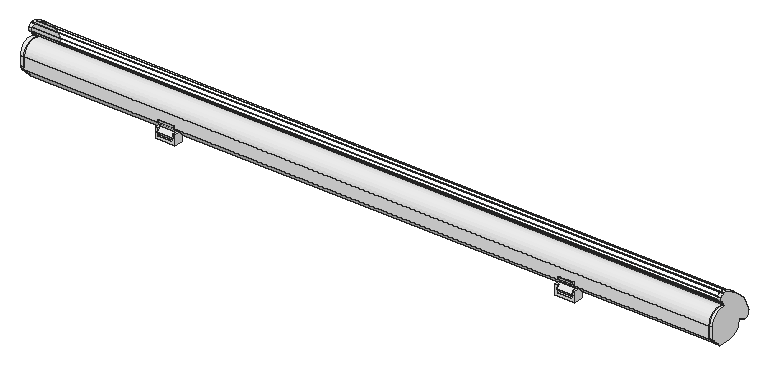
Revit family "eldinaaaaa", category Lighting Fixtures, host Face, Revit 2019
Family settings
  Host = Face
  Round Connector Dimension = Use Diameter
  Part Type = Normal
  OmniClass Number = 23.80.70.11
  OmniClass Title = Luminaries for Internal Lighting
  Cut with Voids When Loaded = No
  Light Source = No
  Shared = No
  Room Calculation Point = No
Parameters (values of type "SLW-8FT-High-SD-50K-90CRI-347V")
  z_Start = Run : Start Fixture
  z_Standalone = Run : Standalone Fixture
  z_Sleeve Cover [instance] = or(Run Option = z_Middle, Run Option = z_End)  # no
  z_Rotation Control [instance] = if(Rotation Angle < 35.00°, 35.00°, if(Rotation Angle > 145.00°, 145.00°, Rotation Angle))  # 45.00°
  z_Right Cap [instance] = 2 > 1  # yes
  z_Middle = Run : Middle Fixture
  z_Left Cap [instance] = 2 > 1  # yes
  z_End = Run : End Fixture
  z_Connector Position [instance] = if(or(Run Option = z_Standalone, Run Option = z_Start), 10.000", Length - 10.000")  # 10.000"
  z_Array No 01 [instance] = if(or(Run Option = z_Standalone, Run Option = z_Start, and([Emergency Circuit - End Fixture], Run Option = z_End)), 3, 2)  # 3
  Width = 3.000"  # constant formula
  Weight = if(Length = 96.000", 16.00 lbf, if(Length = 48.000", 8.00 lbf, 0.00 lbf))  # 8.00 lbf
  Wattage Comments = "Efficacy up to 155 lm/W"
  Voltage Range = "347V"
  Voltage = 347 V
  URL = "https://starteklightingamerica.com/starlink-wide/"
  Type Comments = "Linear Lighting Fixture"  # constant formula
  Run Option [instance] = Run : Standalone Fixture
  Rotation Angle [instance] = 45.00°
  Product data url = "https://www.bimobject.com/startek-lighting/product/starlinkwide"
  Product Material [instance] = StarTek Lighting - Aluminum - Clear Anodized
  Product Guid = "08d8bbde-968b-462b-8ece-db3c3b62b9a7"
  Power Factor = 0.93
  Photometric Webfile Note = "Please remember to reload the shared light file with the type catalog for all available light options and link the proper .ies file to the shared file."  # constant formula
  Photometric Option = Light-Source_StarTek_StarLink-Wide-Rotational-Mount : Not a Type - Load Type Catalog!
  Photometric Note = "Import IES files https://starteklightingamerica.com/"  # constant formula
  Phase = 1
  Output = "High"
  Number of Poles = 3
  Model = "SLW-8-H-SD-50K-90-__-__-C"
  Manufacturer = "StarTek Lighting"  # constant formula
  Length = 48.000"
  Lamp = "LED"  # constant formula
  Keynote = "16500"  # constant formula
  Input Wattage = 116 W
  Height = 2.900"  # constant formula
  Frequency = 60 Hz
  Emergency Circuit - End Fixture [instance] = no
  Electrical Disconnect = yes
  Edition number = 1
  Distribution = "SD-SatinIce Diffused"
  Description = "StarLink Wide"  # constant formula
  Default Elevation = 48.000"
  Color [instance] = "Available options: Clear Anodize (CA), Powder Coat Other (PO)"  # constant formula
  CRI = "90"
  Assembly Code = "D5020200"
  Apparent Load = Input Wattage / (Power Factor * Number of Poles)  # 41.5771 VA
Types (64): name | Weight | Voltage Range | Voltage | Photometric Option | Output | Model | Length | Input Wattage | CRI | Apparent Load
  SLW-8FT-High-SD-50K-90CRI-347V | 8.00 lbf | "347V" | 347 V | Light-Source_StarTek_StarLink-Wide-Rotational-Mount : Not a Type - Load Type Catalog! | "High" | "SLW-8-H-SD-50K-90-__-__-C" | 48.000" | 116 W | "90" | 41.5771 VA
  SLW-8FT-High-SD-50K-90CRI-120-277V | 16.00 lbf | "120-277V" | 120 V | Light-Source_StarTek_StarLink-Wide-Rotational-Mount : Not a Type - Load Type Catalog! | "High" | "SLW-8-H-SD-50K-90-__-__-U" | 96.000" | 116 W | "90" | 41.5771 VA
  SLW-8FT-High-SD-50K-80CRI-347V | 16.00 lbf | "347V" | 347 V | Light-Source_StarTek_StarLink-Wide-Rotational-Mount : Not a Type - Load Type Catalog! | "High" | "SLW-8-H-SD-50K-80-__-__-C" | 96.000" | 116 W | "80" | 41.5771 VA
  SLW-8FT-High-SD-50K-80CRI-120-277V | 16.00 lbf | "120-277V" | 120 V | Light-Source_StarTek_StarLink-Wide-Rotational-Mount : Not a Type - Load Type Catalog! | "High" | "SLW-8-H-SD-50K-80-__-__-U" | 96.000" | 116 W | "80" | 41.5771 VA
  SLW-8FT-High-SD-40K-90CRI-347V | 16.00 lbf | "347V" | 347 V | Light-Source_StarTek_StarLink-Wide-Rotational-Mount : Not a Type - Load Type Catalog! | "High" | "SLW-8-H-SD-40K-90-__-__-C" | 96.000" | 116 W | "90" | 41.5771 VA
  SLW-8FT-High-SD-40K-90CRI-120-277V | 16.00 lbf | "120-277V" | 120 V | Light-Source_StarTek_StarLink-Wide-Rotational-Mount : Not a Type - Load Type Catalog! | "High" | "SLW-8-H-SD-40K-90-__-__-U" | 96.000" | 116 W | "90" | 41.5771 VA
  SLW-8FT-High-SD-40K-80CRI-347V | 16.00 lbf | "347V" | 347 V | Light-Source_StarTek_StarLink-Wide-Rotational-Mount : Not a Type - Load Type Catalog! | "High" | "SLW-8-H-SD-40K-80-__-__-C" | 96.000" | 116 W | "80" | 41.5771 VA
  SLW-8FT-High-SD-40K-80CRI-120-277V | 16.00 lbf | "120-277V" | 120 V | Light-Source_StarTek_StarLink-Wide-Rotational-Mount : Not a Type - Load Type Catalog! | "High" | "SLW-8-H-SD-40K-80-__-__-U" | 96.000" | 116 W | "80" | 41.5771 VA
  SLW-8FT-High-SD-35K-90CRI-347V | 16.00 lbf | "347V" | 347 V | Light-Source_StarTek_StarLink-Wide-Rotational-Mount : Not a Type - Load Type Catalog! | "High" | "SLW-8-H-SD-35K-90-__-__-C" | 96.000" | 116 W | "90" | 41.5771 VA
  SLW-8FT-High-SD-35K-90CRI-120-277V | 16.00 lbf | "120-277V" | 120 V | Light-Source_StarTek_StarLink-Wide-Rotational-Mount : Not a Type - Load Type Catalog! | "High" | "SLW-8-H-SD-35K-90-__-__-U" | 96.000" | 116 W | "90" | 41.5771 VA
  SLW-8FT-High-SD-35K-80CRI-347V | 16.00 lbf | "347V" | 347 V | Light-Source_StarTek_StarLink-Wide-Rotational-Mount : Not a Type - Load Type Catalog! | "High" | "SLW-8-H-SD-35K-80-__-__-C" | 96.000" | 116 W | "80" | 41.5771 VA
  SLW-8FT-High-SD-35K-80CRI-120-277V | 16.00 lbf | "120-277V" | 120 V | Light-Source_StarTek_StarLink-Wide-Rotational-Mount : Not a Type - Load Type Catalog! | "High" | "SLW-8-H-SD-35K-80-__-__-U" | 96.000" | 116 W | "80" | 41.5771 VA
  SLW-8FT-High-SD-30K-90CRI-347V | 16.00 lbf | "347V" | 347 V | Light-Source_StarTek_StarLink-Wide-Rotational-Mount : Not a Type - Load Type Catalog! | "High" | "SLW-8-H-SD-30K-90-__-__-C" | 96.000" | 116 W | "90" | 41.5771 VA
  SLW-8FT-High-SD-30K-90CRI-120-277V | 16.00 lbf | "120-277V" | 120 V | Light-Source_StarTek_StarLink-Wide-Rotational-Mount : Not a Type - Load Type Catalog! | "High" | "SLW-8-H-SD-30K-90-__-__-U" | 96.000" | 116 W | "90" | 41.5771 VA
  SLW-8FT-High-SD-30K-80CRI-347V | 16.00 lbf | "347V" | 347 V | Light-Source_StarTek_StarLink-Wide-Rotational-Mount : Not a Type - Load Type Catalog! | "High" | "SLW-8-H-SD-30K-80-__-__-C" | 96.000" | 116 W | "80" | 41.5771 VA
  SLW-8FT-High-SD-30K-80CRI-120-277V | 16.00 lbf | "120-277V" | 120 V | Light-Source_StarTek_StarLink-Wide-Rotational-Mount : Not a Type - Load Type Catalog! | "High" | "SLW-8-H-SD-30K-80-__-__-U" | 96.000" | 116 W | "80" | 41.5771 VA
  SLW-8FT-Standard-SD-50K-90CRI-347V | 16.00 lbf | "347V" | 347 V | Light-Source_StarTek_StarLink-Wide-Rotational-Mount : Not a Type - Load Type Catalog! | "Standard" | "SLW-8-S-SD-50K-90-__-__-C" | 96.000" | 87 W | "90" | 31.1828 VA
  SLW-8FT-Standard-SD-50K-90CRI-120-277V | 16.00 lbf | "120-277V" | 120 V | Light-Source_StarTek_StarLink-Wide-Rotational-Mount : Not a Type - Load Type Catalog! | "Standard" | "SLW-8-S-SD-50K-90-__-__-U" | 96.000" | 87 W | "90" | 31.1828 VA
  SLW-8FT-Standard-SD-50K-80CRI-347V | 16.00 lbf | "347V" | 347 V | Light-Source_StarTek_StarLink-Wide-Rotational-Mount : Not a Type - Load Type Catalog! | "Standard" | "SLW-8-S-SD-50K-80-__-__-C" | 96.000" | 87 W | "80" | 31.1828 VA
  SLW-8FT-Standard-SD-50K-80CRI-120-277V | 16.00 lbf | "120-277V" | 120 V | Light-Source_StarTek_StarLink-Wide-Rotational-Mount : Not a Type - Load Type Catalog! | "Standard" | "SLW-8-S-SD-50K-80-__-__-U" | 96.000" | 87 W | "80" | 31.1828 VA
  SLW-8FT-Standard-SD-40K-90CRI-347V | 16.00 lbf | "347V" | 347 V | Light-Source_StarTek_StarLink-Wide-Rotational-Mount : Not a Type - Load Type Catalog! | "Standard" | "SLW-8-S-SD-40K-90-__-__-C" | 96.000" | 87 W | "90" | 31.1828 VA
  SLW-8FT-Standard-SD-40K-90CRI-120-277V | 16.00 lbf | "120-277V" | 120 V | Light-Source_StarTek_StarLink-Wide-Rotational-Mount : Not a Type - Load Type Catalog! | "Standard" | "SLW-8-S-SD-40K-90-__-__-U" | 96.000" | 87 W | "90" | 31.1828 VA
  SLW-8FT-Standard-SD-40K-80CRI-347V | 16.00 lbf | "347V" | 347 V | Light-Source_StarTek_StarLink-Wide-Rotational-Mount : Not a Type - Load Type Catalog! | "Standard" | "SLW-8-S-SD-40K-80-__-__-C" | 96.000" | 87 W | "80" | 31.1828 VA
  SLW-8FT-Standard-SD-40K-80CRI-120-277V | 16.00 lbf | "120-277V" | 120 V | Light-Source_StarTek_StarLink-Wide-Rotational-Mount : SLW-8FT-Standard-SD-40K | "Standard" | "SLW-8-S-SD-40K-80-__-__-U" | 96.000" | 87 W | "80" | 31.1828 VA
  SLW-8FT-Standard-SD-35K-90CRI-347V | 16.00 lbf | "347V" | 347 V | Light-Source_StarTek_StarLink-Wide-Rotational-Mount : Not a Type - Load Type Catalog! | "Standard" | "SLW-8-S-SD-35K-90-__-__-C" | 96.000" | 87 W | "90" | 31.1828 VA
  SLW-8FT-Standard-SD-35K-90CRI-120-277V | 16.00 lbf | "120-277V" | 120 V | Light-Source_StarTek_StarLink-Wide-Rotational-Mount : Not a Type - Load Type Catalog! | "Standard" | "SLW-8-S-SD-35K-90-__-__-U" | 96.000" | 87 W | "90" | 31.1828 VA
  SLW-8FT-Standard-SD-35K-80CRI-347V | 16.00 lbf | "347V" | 347 V | Light-Source_StarTek_StarLink-Wide-Rotational-Mount : Not a Type - Load Type Catalog! | "Standard" | "SLW-8-S-SD-35K-80-__-__-C" | 96.000" | 87 W | "80" | 31.1828 VA
  SLW-8FT-Standard-SD-35K-80CRI-120-277V | 16.00 lbf | "120-277V" | 120 V | Light-Source_StarTek_StarLink-Wide-Rotational-Mount : Not a Type - Load Type Catalog! | "Standard" | "SLW-8-S-SD-35K-80-__-__-U" | 96.000" | 87 W | "80" | 31.1828 VA
  SLW-8FT-Standard-SD-30K-90CRI-347V | 16.00 lbf | "347V" | 347 V | Light-Source_StarTek_StarLink-Wide-Rotational-Mount : Not a Type - Load Type Catalog! | "Standard" | "SLW-8-S-SD-30K-90-__-__-C" | 96.000" | 87 W | "90" | 31.1828 VA
  SLW-8FT-Standard-SD-30K-90CRI-120-277V | 16.00 lbf | "120-277V" | 120 V | Light-Source_StarTek_StarLink-Wide-Rotational-Mount : Not a Type - Load Type Catalog! | "Standard" | "SLW-8-S-SD-30K-90-__-__-U" | 96.000" | 87 W | "90" | 31.1828 VA
  SLW-8FT-Standard-SD-30K-80CRI-347V | 16.00 lbf | "347V" | 347 V | Light-Source_StarTek_StarLink-Wide-Rotational-Mount : Not a Type - Load Type Catalog! | "Standard" | "SLW-8-S-SD-30K-80-__-__-C" | 96.000" | 87 W | "80" | 31.1828 VA
  SLW-8FT-Standard-SD-30K-80CRI-120-277V | 16.00 lbf | "120-277V" | 120 V | Light-Source_StarTek_StarLink-Wide-Rotational-Mount : Not a Type - Load Type Catalog! | "Standard" | "SLW-8-S-SD-30K-80-__-__-U" | 96.000" | 87 W | "80" | 31.1828 VA
  SLW-4FT-High-SD-50K-90CRI-347V | 8.00 lbf | "347V" | 347 V | Light-Source_StarTek_StarLink-Wide-Rotational-Mount : Not a Type - Load Type Catalog! | "High" | "SLW-4-H-SD-50K-90-__-__-C" | 48.000" | 90 W | "90" | 32.2581 VA
  SLW-4FT-High-SD-50K-90CRI-120-277V | 8.00 lbf | "120-277V" | 120 V | Light-Source_StarTek_StarLink-Wide-Rotational-Mount : Not a Type - Load Type Catalog! | "High" | "SLW-4-H-SD-50K-90-__-__-U" | 48.000" | 90 W | "90" | 32.2581 VA
  SLW-4FT-High-SD-50K-80CRI-347V | 8.00 lbf | "347V" | 347 V | Light-Source_StarTek_StarLink-Wide-Rotational-Mount : Not a Type - Load Type Catalog! | "High" | "SLW-4-H-SD-50K-80-__-__-C" | 48.000" | 90 W | "80" | 32.2581 VA
  SLW-4FT-High-SD-50K-80CRI-120-277V | 8.00 lbf | "120-277V" | 120 V | Light-Source_StarTek_StarLink-Wide-Rotational-Mount : Not a Type - Load Type Catalog! | "High" | "SLW-4-H-SD-50K-80-__-__-U" | 48.000" | 90 W | "80" | 32.2581 VA
  SLW-4FT-High-SD-40K-90CRI-347V | 8.00 lbf | "347V" | 347 V | Light-Source_StarTek_StarLink-Wide-Rotational-Mount : Not a Type - Load Type Catalog! | "High" | "SLW-4-H-SD-40K-90-__-__-C" | 48.000" | 90 W | "90" | 32.2581 VA
  SLW-4FT-High-SD-40K-90CRI-120-277V | 8.00 lbf | "120-277V" | 120 V | Light-Source_StarTek_StarLink-Wide-Rotational-Mount : Not a Type - Load Type Catalog! | "High" | "SLW-4-H-SD-40K-90-__-__-U" | 48.000" | 90 W | "90" | 32.2581 VA
  SLW-4FT-High-SD-40K-80CRI-347V | 8.00 lbf | "347V" | 347 V | Light-Source_StarTek_StarLink-Wide-Rotational-Mount : Not a Type - Load Type Catalog! | "High" | "SLW-4-H-SD-40K-80-__-__-C" | 48.000" | 90 W | "80" | 32.2581 VA
  SLW-4FT-High-SD-40K-80CRI-120-277V | 8.00 lbf | "120-277V" | 120 V | Light-Source_StarTek_StarLink-Wide-Rotational-Mount : Not a Type - Load Type Catalog! | "High" | "SLW-4-H-SD-40K-80-__-__-U" | 48.000" | 90 W | "80" | 32.2581 VA
  SLW-4FT-High-SD-35K-90CRI-347V | 8.00 lbf | "347V" | 347 V | Light-Source_StarTek_StarLink-Wide-Rotational-Mount : Not a Type - Load Type Catalog! | "High" | "SLW-4-H-SD-35K-90-__-__-C" | 48.000" | 90 W | "90" | 32.2581 VA
  SLW-4FT-High-SD-35K-90CRI-120-277V | 8.00 lbf | "120-277V" | 120 V | Light-Source_StarTek_StarLink-Wide-Rotational-Mount : Not a Type - Load Type Catalog! | "High" | "SLW-4-H-SD-35K-90-__-__-U" | 48.000" | 90 W | "90" | 32.2581 VA
  SLW-4FT-High-SD-35K-80CRI-347V | 8.00 lbf | "347V" | 347 V | Light-Source_StarTek_StarLink-Wide-Rotational-Mount : Not a Type - Load Type Catalog! | "High" | "SLW-4-H-SD-35K-80-__-__-C" | 48.000" | 90 W | "80" | 32.2581 VA
  SLW-4FT-High-SD-35K-80CRI-120-277V | 8.00 lbf | "120-277V" | 120 V | Light-Source_StarTek_StarLink-Wide-Rotational-Mount : Not a Type - Load Type Catalog! | "High" | "SLW-4-H-SD-35K-80-__-__-U" | 48.000" | 90 W | "80" | 32.2581 VA
  SLW-4FT-High-SD-30K-90CRI-347V | 8.00 lbf | "347V" | 347 V | Light-Source_StarTek_StarLink-Wide-Rotational-Mount : Not a Type - Load Type Catalog! | "High" | "SLW-4-H-SD-30K-90-__-__-C" | 48.000" | 90 W | "90" | 32.2581 VA
  SLW-4FT-High-SD-30K-90CRI-120-277V | 8.00 lbf | "120-277V" | 120 V | Light-Source_StarTek_StarLink-Wide-Rotational-Mount : Not a Type - Load Type Catalog! | "High" | "SLW-4-H-SD-30K-90-__-__-U" | 48.000" | 90 W | "90" | 32.2581 VA
  SLW-4FT-High-SD-30K-80CRI-347V | 8.00 lbf | "347V" | 347 V | Light-Source_StarTek_StarLink-Wide-Rotational-Mount : Not a Type - Load Type Catalog! | "High" | "SLW-4-H-SD-30K-80-__-__-C" | 48.000" | 90 W | "80" | 32.2581 VA
  SLW-4FT-High-SD-30K-80CRI-120-277V | 8.00 lbf | "120-277V" | 120 V | Light-Source_StarTek_StarLink-Wide-Rotational-Mount : Not a Type - Load Type Catalog! | "High" | "SLW-4-H-SD-30K-80-__-__-U" | 48.000" | 90 W | "80" | 32.2581 VA
  SLW-4FT-Standard-SD-50K-90CRI-347V | 8.00 lbf | "347V" | 347 V | Light-Source_StarTek_StarLink-Wide-Rotational-Mount : Not a Type - Load Type Catalog! | "Standard" | "SLW-4-S-SD-50K-90-__-__-C" | 48.000" | 47 W | "90" | 16.8459 VA
  SLW-4FT-Standard-SD-50K-90CRI-120-277V | 8.00 lbf | "120-277V" | 120 V | Light-Source_StarTek_StarLink-Wide-Rotational-Mount : Not a Type - Load Type Catalog! | "Standard" | "SLW-4-S-SD-50K-90-__-__-U" | 48.000" | 47 W | "90" | 16.8459 VA
  SLW-4FT-Standard-SD-50K-80CRI-347V | 8.00 lbf | "347V" | 347 V | Light-Source_StarTek_StarLink-Wide-Rotational-Mount : Not a Type - Load Type Catalog! | "Standard" | "SLW-4-S-SD-50K-80-__-__-C" | 48.000" | 47 W | "80" | 16.8459 VA
  SLW-4FT-Standard-SD-50K-80CRI-120-277V | 8.00 lbf | "120-277V" | 120 V | Light-Source_StarTek_StarLink-Wide-Rotational-Mount : Not a Type - Load Type Catalog! | "Standard" | "SLW-4-S-SD-50K-80-__-__-U" | 48.000" | 47 W | "80" | 16.8459 VA
  SLW-4FT-Standard-SD-40K-90CRI-347V | 8.00 lbf | "347V" | 347 V | Light-Source_StarTek_StarLink-Wide-Rotational-Mount : Not a Type - Load Type Catalog! | "Standard" | "SLW-4-S-SD-40K-90-__-__-C" | 48.000" | 47 W | "90" | 16.8459 VA
  SLW-4FT-Standard-SD-40K-90CRI-120-277V | 8.00 lbf | "120-277V" | 120 V | Light-Source_StarTek_StarLink-Wide-Rotational-Mount : Not a Type - Load Type Catalog! | "Standard" | "SLW-4-S-SD-40K-90-__-__-U" | 48.000" | 47 W | "90" | 16.8459 VA
  SLW-4FT-Standard-SD-40K-80CRI-347V | 8.00 lbf | "347V" | 347 V | Light-Source_StarTek_StarLink-Wide-Rotational-Mount : Not a Type - Load Type Catalog! | "Standard" | "SLW-4-S-SD-40K-80-__-__-C" | 48.000" | 47 W | "80" | 16.8459 VA
  SLW-4FT-Standard-SD-40K-80CRI-120-277V | 8.00 lbf | "120-277V" | 120 V | Light-Source_StarTek_StarLink-Wide-Rotational-Mount : Not a Type - Load Type Catalog! | "Standard" | "SLW-4-S-SD-40K-80-__-__-U" | 48.000" | 47 W | "80" | 16.8459 VA
  SLW-4FT-Standard-SD-35K-90CRI-347V | 8.00 lbf | "347V" | 347 V | Light-Source_StarTek_StarLink-Wide-Rotational-Mount : Not a Type - Load Type Catalog! | "Standard" | "SLW-4-S-SD-35K-90-__-__-C" | 48.000" | 47 W | "90" | 16.8459 VA
  SLW-4FT-Standard-SD-35K-90CRI-120-277V | 8.00 lbf | "120-277V" | 120 V | Light-Source_StarTek_StarLink-Wide-Rotational-Mount : Not a Type - Load Type Catalog! | "Standard" | "SLW-4-S-SD-35K-90-__-__-U" | 48.000" | 47 W | "90" | 16.8459 VA
  SLW-4FT-Standard-SD-35K-80CRI-347V | 8.00 lbf | "347V" | 347 V | Light-Source_StarTek_StarLink-Wide-Rotational-Mount : Not a Type - Load Type Catalog! | "Standard" | "SLW-4-S-SD-35K-80-__-__-C" | 48.000" | 47 W | "80" | 16.8459 VA
  SLW-4FT-Standard-SD-35K-80CRI-120-277V | 8.00 lbf | "120-277V" | 120 V | Light-Source_StarTek_StarLink-Wide-Rotational-Mount : Not a Type - Load Type Catalog! | "Standard" | "SLW-4-S-SD-35K-80-__-__-U" | 48.000" | 47 W | "80" | 16.8459 VA
  SLW-4FT-Standard-SD-30K-90CRI-347V | 8.00 lbf | "347V" | 347 V | Light-Source_StarTek_StarLink-Wide-Rotational-Mount : Not a Type - Load Type Catalog! | "Standard" | "SLW-4-S-SD-30K-90-__-__-C" | 48.000" | 47 W | "90" | 16.8459 VA
  SLW-4FT-Standard-SD-30K-90CRI-120-277V | 8.00 lbf | "120-277V" | 120 V | Light-Source_StarTek_StarLink-Wide-Rotational-Mount : Not a Type - Load Type Catalog! | "Standard" | "SLW-4-S-SD-30K-90-__-__-U" | 48.000" | 47 W | "90" | 16.8459 VA
  SLW-4FT-Standard-SD-30K-80CRI-347V | 8.00 lbf | "347V" | 347 V | Light-Source_StarTek_StarLink-Wide-Rotational-Mount : Not a Type - Load Type Catalog! | "Standard" | "SLW-4-S-SD-30K-80-__-__-C" | 48.000" | 47 W | "80" | 16.8459 VA
  SLW-4FT-Standard-SD-30K-80CRI-120-277V | 8.00 lbf | "120-277V" | 120 V | Light-Source_StarTek_StarLink-Wide-Rotational-Mount : Not a Type - Load Type Catalog! | "Standard" | "SLW-4-S-SD-30K-80-__-__-U" | 48.000" | 47 W | "80" | 16.8459 VA
Reference planes (in)
  plane 1 "Center (Front/Back)": y = 0
  plane 2: z = 0
  plane 3 "Center (Left/Right)": x = 0
  plane 4 "None": z = 0.69141
  plane 5: x = -14
  plane 6 "Light source": z = 2.44141
  plane 7 "Light Vertical": z = 1.18208
  plane 8 "Light Horizontal": y = 5.00837
  plane 9: z = 0.5
  plane 10: x = 14
  plane 11: x = -14.53147
  plane 12: x = -13.46853
  plane 13: x = 13.46853
  plane 14: x = 14.53147
  plane 15: x = -15.06295
  plane 16: x = -12.93705
  plane 17: x = 12.93705
  plane 18: x = 15.06295
  plane 19: y = 0
  plane 20: x = -24
  plane 21: x = 24
  plane 22: x = -14
  plane 23: x = -24.25
  plane 24: x = 24.25
Forms (in)
  Extrusion 1, solid, not visible
    sketch origin (0, 1.1511, -0.03147) x (1, 0, 0) y (0, 0, 1)
      loop
        line (-14.03147, 0.03147) -> (-14.03147, -0.03147) -> (-13.96853, -0.03147) -> (-13.96853, 0.03147) -> (-14.03147, 0.03147)
    from 1.1394 to 1.16281
  Extrusion 2, solid, material "StarTek Lighting - Aluminum - Clear Anodized" <- "Product Material"
    sketch origin (0, 0, 0) x (1, 0, 0) y (0, 0, 1)
      loop
        line (-14.53147, 0.69091) -> (-14.69814, 0.69091) -> (-14.69814, 0) -> (-13.30186, 0) -> (-13.30186, 0.69091) -> (-13.46853, 0.69091) -> (-13.46853, 0.19141) -> (-14.53147, 0.19141) -> (-14.53147, 0.69091)
      loop
        line (13.46853, 0.69091) -> (13.30186, 0.69091) -> (13.30186, 0) -> (14.69814, 0) -> (14.69814, 0.69091) -> (14.53147, 0.69091) -> (14.53147, 0.19141) -> (13.46853, 0.19141) -> (13.46853, 0.69091)
    from -0.29938 to 0.29955
  Sweep 3, solid, not visible
    path origin (0, 0, 0) x (0, 1, 0) y (0, 0, 1)
      loop
        line (0, 0.5) -> (0.48337, 0.98337)
    profile origin (0, 0.24169, 0.74169) x (0, -0.707107, 0.707107) y (1, 0, 0)
      loop
        circle (0, 0) r 0.09097
Lines and regions (in)
  Masking region 1
    outline origin (-0.3935, 0, 0) x (1, 0, 0) y (0, 1, 0)
      loop
        line (-23.6065, 1.52393) -> (-23.6065, -1.52364) -> (24.3935, -1.52364) -> (24.3935, 1.52393) -> (-23.6065, 1.52393)
  Masking region 2, visible <- "z_Left Cap"
    outline origin (-0.33569, 0, 0) x (1, 0, 0) y (0, 1, 0)
      loop
        line (-23.91431, 1.53435) -> (-23.91431, -1.53456) -> (-23.66431, -1.53456) -> (-23.66431, 1.53435) -> (-23.91431, 1.53435)
  Masking region 3, detail levels medium+fine
    outline origin (-0.3935, 0, 0) x (1, 0, 0) y (0, 1, 0)
      loop
        line (-23.6065, -0.74867) -> (24.3935, -0.74867) -> (24.3935, 0.76647) -> (-23.6065, 0.76647) -> (-23.6065, -0.74867)
  Masking region 4, detail levels fine
    outline origin (-0.3935, 0, 0) x (1, 0, 0) y (0, 1, 0)
      loop
        line (-23.6065, 0.94479) -> (-23.6065, 0.76647) -> (24.3935, 0.76647) -> (24.3935, 0.94479) -> (-23.6065, 0.94479)
      loop
        line (-23.6065, -0.94482) -> (24.3935, -0.94482) -> (24.3935, -0.74867) -> (-23.6065, -0.74867) -> (-23.6065, -0.94482)
  Masking region 5, visible <- "z_Right Cap"
    outline origin (-0.3935, 0, 0) x (1, 0, 0) y (0, 1, 0)
      loop
        line (24.3935, 1.5327) -> (24.3935, -1.5343) -> (24.6435, -1.5343) -> (24.6435, 1.5327) -> (24.3935, 1.5327)
  reference lines
    curve 1: line (0, 0, 0.5) -> (0, 0.7821, 1.2821)
    curve 2: line (0, 0.48337, 0.98337) -> (0, 0.8971, 0.56964)
Dimensions and locks (in)
  Extrusion 1 sketch curve to level to Extrusion 1 sketch curve = 0.000", 0.06295"
  plane 6 "Light source" to host face = 2.44141"
  locked: plane 8 "Light Horizontal" to plane 1 "Center (Front/Back)" at 5.00837
  plane 11 to plane 5 to plane 12 = 0.53147" locked, 0.53147" locked
  plane 13 to plane 10 to plane 14 = 0.53147" locked, 0.53147" locked
  plane 15 to plane 5 to plane 16 = 1.06295" locked, 1.06295" locked
  plane 17 to plane 10 to plane 18 = 1.06295" locked, 1.06295" locked
  locked: plane 7 "Light Vertical" to plane 4 "None" at 0.49067
  plane 1 "Center (Front/Back)" to plane 19 = 0.000"
  equal spacing: Extrusion 1, plane 19, Extrusion 1
  locked: Extrusion 1 to Extrusion 1 at 0.0234
  plane 4 "None" to level = 0.69141"
  Extrusion 1 to plane 19 to Extrusion 1 = 0.0117" locked, 0.0117" locked
  locked: plane 9 to level at 0.5
  equal spacing: plane 21, plane 3 "Center (Left/Right)", plane 20
  "Length": plane 21 to plane 20
  locked: plane 5 to plane 20 at 10
  locked: plane 10 to plane 21 at 10
  Extrusion 2 sketch curve to Extrusion 2 sketch curve to plane 2 = 0.49951" locked, 0.19141" locked  (x2)
  locked: Extrusion 2 sketch curve to plane 11 at 0.16667
  locked: plane 12 to Extrusion 2 sketch curve at 0.16667
  locked: Extrusion 2 sketch curve to plane 13 at 0.16667
  locked: plane 14 to Extrusion 2 sketch curve at 0.16667
  Extrusion 2 to Extrusion 2 = 0.59894"
  locked: curve 2 to curve 1 at 0.68359
  locked: nested 4 to plane 20 at 5
  "z_Connector Position": plane 20 to plane 22
  equal spacing: group 1, group 2, group 3  (x3)
  locked: plane 21 to Masking region 5 sketch curve at 0.25
  locked: plane 21 to plane 24 at 0.25
  locked: plane 23 to plane 20 at 0.25
  "z_Rotation Control": angle curve 1 to plane 9
  locked: curve 1 to curve 2 (angle 90.00°)
  aligned and locked: plane 2 to host face
  aligned and locked: level to host face
  aligned and locked: plane 2 to Extrusion 2 sketch curve  (x2)
  aligned and locked: Extrusion 2 sketch curve to plane 12
  aligned and locked: Extrusion 2 sketch curve to plane 11
  aligned and locked: Extrusion 2 sketch curve to Extrusion 2 sketch curve  (x2)
  aligned and locked: Extrusion 2 sketch curve to plane 13
  aligned and locked: Extrusion 2 sketch curve to plane 14
  aligned and locked: plane 19 to curve 1
  aligned and locked: plane 9 to curve 1
  aligned and locked: Sweep 3 sketch curve to curve 1
  aligned and locked: Sweep 3 sketch curve to curve 2
  aligned and locked: plane 5 to nested 2
  aligned and locked: nested 3 to plane 10
  aligned and locked: plane 1 "Center (Front/Back)" to nested 4
  aligned and locked: plane 22 to nested 6
  aligned and locked: plane 1 "Center (Front/Back)" to nested 6
  aligned and locked: Masking region 2 sketch curve to plane 20
  aligned and locked: plane 3 "Center (Left/Right)" to nested 1
  aligned and locked: Masking region 2 sketch curve to nested 1
  aligned and locked: plane 21 to Masking region 5 sketch curve
  aligned and locked: Masking region 4 sketch curve to plane 20  (x2)
  aligned and locked: plane 21 to Masking region 4 sketch curve  (x2)
  aligned and locked: plane 20 to Masking region 1 sketch curve
  aligned and locked: Masking region 1 sketch curve to plane 21
  aligned and locked: plane 21 to Masking region 3 sketch curve
  aligned and locked: plane 20 to Masking region 3 sketch curve
Automatic sketch dimensions
  host sketch curve to host sketch curve = 96.000"  (x2)
  Extrusion 1 sketch curve to plane 5 = 0.03147"
  plane 5 to Extrusion 1 sketch curve = 0.03147"
  Sweep 3 sketch curve to plane 3 "Center (Left/Right)" = 0.000"
  Sweep 3 sketch curve to profile plane = 0.000"
  Sweep 3 sketch curve to plane 9 = 0.000"
  plane 1 "Center (Front/Back)" to Masking region 2 sketch curve = 1.53456"
  Masking region 2 sketch curve to Masking region 2 sketch curve = 3.06891"
  plane 1 "Center (Front/Back)" to Masking region 3 sketch curve = 0.74867"
  Masking region 3 sketch curve to Masking region 3 sketch curve = 1.51514"
  plane 1 "Center (Front/Back)" to Masking region 4 sketch curve = 0.94482"
  Masking region 4 sketch curve to Masking region 4 sketch curve = 0.19615"
  Masking region 4 sketch curve to Masking region 4 sketch curve = 1.51514"
  Masking region 4 sketch curve to Masking region 4 sketch curve = 0.17832"
  plane 1 "Center (Front/Back)" to Masking region 5 sketch curve = 1.5343"
  Masking region 5 sketch curve to Masking region 5 sketch curve = 3.067"
  plane 1 "Center (Front/Back)" to Masking region 1 sketch curve = 1.52364"
  Masking region 1 sketch curve to plane 1 "Center (Front/Back)" = 1.52393"
  radius of Sweep 3 sketch curve = 0.09097"
Nested families (in)
  nested 1: "Light-Source_StarTek_StarLink-Wide-Rotational-Mount" at (-0.3935, 0.48337, 0.98337) x (1, 0, 0) z (0, 0.7071, 0.7071), type <- "Photometric Option", Lamp Finish <- "Product Material", F Length <- "Length", Sleeve Cover <- "z_Sleeve Cover", type "Not a Type - Load Type Catalog!"
    with Lamp Finish StarTek Lighting - Aluminum - Clear Anodized, F Length 48.000"
  nested 2: "Holder" at (-14, 0.48337, 0.98337) x (1, 0, 0) z (0, 0.7071, 0.7071), type "1"
    with Cord length control 36.000", Cord length 36.000"
  nested 3: "Holder" at (14, 0.48337, 0.98337) x (1, 0, 0) z (0, 0.7071, 0.7071), type "1"
    with Cord length control 36.000", Cord length 36.000"
  nested 4: "Connection" at (-29, 0, 0), type "Connection"
  nested 5: "Connection" at (-21.5, 0, 0), type "Connection"
  nested 6: "Connection" at (-14, 0, 0), type "Connection"
Connectors (in)
  electrical at (-14, 0, 0), driven by "Number of Poles", driven by "Voltage", driven by "Apparent Load", driven by "Apparent Load", driven by "Apparent Load", driven by "Power Factor"
    settings: on nested 6, index 1, voltage 347 V, apparent load 0 VA, apparent load phase1 41.5771 VA, apparent load phase2 41.5771 VA, apparent load phase3 41.5771 VA, power factor 0.93, load classification "Other", number of poles 3, system type 31, power factor state 1, is connector primary yes, connector utility no, sub classification motor no, connector description "Connector for Electrical Power"
Definition of nested family "Light-Source_StarTek_StarLink-Wide-Rotational-Mount"
  Parameters (values of type "Not a Type - Load Type Catalog!")
    Width = 2.500"  # constant formula
    Wattage = 9.2903 W
    built-in parameter 1150110 = 1 (stored number, unit not read)
    built-in parameter 1114217 = 1 (stored number, unit not read)
    Tilt Angle = 90.00°  # constant formula
    built-in parameter 1150109 = 1 (stored number, unit not read)
    built-in parameter 1150134 = 3
    built-in parameter 1150113 = 1 (stored number, unit not read)
    Sleeve Cover [instance] = no
    Right Cap = yes
    Photometric Web File = "Generic Light Source Shown : Please download and link the IES file that best matches your fixture specification"
    built-in parameter 1150142 = (empty or 0)
    built-in parameter 1150105 = 109.82 (stored number, unit not read)
    Lumens = 1380 lm
    built-in parameter 1150115 = 1 (stored number, unit not read)
    built-in parameter 1150137 = (empty or 0)
    built-in parameter 1150139 = (empty or 0)
    Length = 48.000"
    Left Cap = yes
    built-in parameter 1150112 = 1 (stored number, unit not read)
    built-in parameter 1150114 = 1 (stored number, unit not read)
    Lamp Finish [instance] = none
    built-in parameter 1150132 = 2
    built-in parameter 1150102 = (empty or 0)
    built-in parameter 1150107 = 3200 (stored number, unit not read)
    built-in parameter 1150138 = (empty or 0)
    built-in parameter 1150106 = 1.0982 (stored number, unit not read)
    Height = 2.900"  # constant formula
    F Length [instance] = 48.000"
    Emit from Rectangle Width = 2.500"  # constant formula
    Emit from Rectangle Length = Length - 0.500"  # 47.500"
    Emit Shape Visible in Rendering = no
    built-in parameter 1150104 = 13.8 (stored number, unit not read)
    Dimming Lamp Color Temperature Shift = (empty or 0)
    Default Elevation = 48.000"
    Color Filter = 16777215
    built-in parameter 1114218 = 1 (stored number, unit not read)
    built-in parameter 1150133 = 10 (stored number, unit not read)
  Reference planes (in)
    plane 1 "Center (Front/Back)": y = 0
    plane 2: z = 0
    plane 3 "Center (Left/Right)": x = 0.3935
    plane 4: z = -0.49163
    plane 5: x = -23.8565
    plane 6: x = 24.6435
    plane 7: y = 1.25
    plane 8: y = -1.25
    plane 9: y = 0.765
    plane 10: y = -0.765
    plane 11: z = -0.41967
    plane 12: z = -0.31671
    plane 13: z = -0.25371
    plane 14: z = 0.09039
    plane 15: z = 0.18379
    plane 16: x = -21.488
    plane 17: x = -20.4373
    plane 18: x = 22.275
    plane 19: x = 21.2243
    plane 20: x = 21.3177
    plane 21: x = -20.5307
    plane 22: x = -23.6065
    plane 23: x = 24.3935
    plane 24: z = 2.40837
    plane 25: x = -14.1955
    plane 26: x = -33.5175
    plane 27: x = 14.6435
    plane 28: x = 34.6435
  Forms (in)
    Extrusion 1, solid
      sketch origin (0, 0, 0) x (1, 0, 0) y (0, 1, 0)
        loop
          line (-48, 48) -> (-48, -48) -> (48, -48) -> (48, 48) -> (-48, 48)
      from 0 to -12
    Extrusion 2, solid, material <- "Lamp Finish", detail levels coarse
      sketch origin (0, 0, 0) x (1, 0, 0) y (0, 1, 0)
        loop
          line (24.6435, -1.50855) -> (24.6435, 1.50855) -> (-23.8565, 1.50855) -> (-23.8565, -1.50855) -> (24.6435, -1.50855)
      from -0.49067 to 2.40837
    Extrusion 3, solid, material <- "Lamp Finish", visible <- "Right Cap", detail levels medium+fine
      sketch origin (0.3935, 0, 0) x (0, 1, 0) y (0, 0, 1)
        loop
          line (0.72864, 1.46801) -> (1.01642, 1.46801) -> (1.1686, 1.52801) -> (1.32194, 1.52801)
          arc (1.32194, 1.52801) -> (1.45837, 1.53528) -> (1.51867, 1.65788) r 0.13508
          arc (1.51867, 1.65788) -> (1.53071, 1.80256) -> (1.48056, 1.93875) r 0.335
          line (1.48056, 1.93875) -> (1.46083, 1.96913)
          arc (1.46083, 1.96913) -> (1.44934, 1.98467) -> (1.43594, 1.9986) r 0.15
          arc (1.43594, 1.9986) -> (1.38086, 2.09443) -> (1.29285, 2.1613) r 0.27866
          arc (1.29285, 2.1613) -> (0.66315, 2.38491) -> (0, 2.46711) r 3.07318
          arc (0, 2.46711) -> (-0.66315, 2.38491) -> (-1.29285, 2.1613) r 3.07318
          arc (-1.29285, 2.1613) -> (-1.38086, 2.09443) -> (-1.43594, 1.9986) r 0.27866
          arc (-1.43594, 1.9986) -> (-1.44934, 1.98467) -> (-1.46083, 1.96913) r 0.15
          line (-1.46083, 1.96913) -> (-1.4804, 1.93875)
          arc (-1.4804, 1.93875) -> (-1.53071, 1.80256) -> (-1.51867, 1.65788) r 0.335
          arc (-1.51867, 1.65788) -> (-1.45837, 1.53528) -> (-1.32194, 1.52801) r 0.13508
          line (-1.32194, 1.52801) -> (-1.1686, 1.52801) -> (-1.01642, 1.46801) -> (-0.72864, 1.46801)
          arc (-0.72864, 1.46801) -> (-1.22349, 0.85243) -> (-1.02717, 0.0874) r 0.88216
          line (-1.02717, 0.0874) -> (-0.4554, -0.49067) -> (0.4554, -0.49067) -> (1.02717, 0.0874)
          arc (1.02717, 0.0874) -> (1.22349, 0.85243) -> (0.72864, 1.46801) r 0.88216
      from 24 to 24.25
    Extrusion 4, solid, material <- "Lamp Finish", visible <- "Left Cap", detail levels medium+fine
      sketch origin (0.3935, 0, 0) x (0, 1, 0) y (0, 0, -1)
        loop
          arc (0.72864, -1.46801) -> (1.22349, -0.85243) -> (1.02717, -0.0874) r 0.88216
          line (1.02717, -0.0874) -> (0.58082, 0.36387) -> (0.31806, 0.49067) -> (-0.31806, 0.49067) -> (-0.58082, 0.36387) -> (-1.02717, -0.0874)
          arc (-1.02717, -0.0874) -> (-1.22349, -0.85243) -> (-0.72864, -1.46801) r 0.88216
          line (-0.72864, -1.46801) -> (-1.01642, -1.46801) -> (-1.1686, -1.52801) -> (-1.32194, -1.52801)
          arc (-1.32194, -1.52801) -> (-1.45837, -1.53528) -> (-1.51867, -1.65788) r 0.13508
          arc (-1.51867, -1.65788) -> (-1.53071, -1.80256) -> (-1.4804, -1.93875) r 0.335
          line (-1.4804, -1.93875) -> (-1.46083, -1.96913)
          arc (-1.46083, -1.96913) -> (-1.44934, -1.98467) -> (-1.43594, -1.9986) r 0.15
          arc (-1.43594, -1.9986) -> (-1.38086, -2.09443) -> (-1.29285, -2.1613) r 0.27866
          arc (-1.29285, -2.1613) -> (-0.66315, -2.38491) -> (0, -2.46711) r 3.07318
          arc (0, -2.46711) -> (0.66315, -2.38491) -> (1.29285, -2.1613) r 3.07318
          arc (1.29285, -2.1613) -> (1.38086, -2.09443) -> (1.43594, -1.9986) r 0.27866
          arc (1.43594, -1.9986) -> (1.44934, -1.98467) -> (1.46083, -1.96913) r 0.15
          line (1.46083, -1.96913) -> (1.48056, -1.93875)
          arc (1.48056, -1.93875) -> (1.53071, -1.80256) -> (1.51867, -1.65788) r 0.335
          arc (1.51867, -1.65788) -> (1.45837, -1.53528) -> (1.32194, -1.52801) r 0.13508
          line (1.32194, -1.52801) -> (1.1686, -1.52801) -> (1.01642, -1.46801) -> (0.72864, -1.46801)
      from 24 to 24.25
    Sweep 5, solid, material <- "Lamp Finish", detail levels medium+fine
      path origin (0, 0, 0) x (1, 0, 0) y (0, 1, 0)
        loop
          line (24.3935, 0) -> (-23.6065, 0)
      profile origin (0.3935, 0, 0) x (0, -1, 0) y (0, 0, 1)
        loop
          line (0.72864, 1.46801) -> (-0.72864, 1.46801)
          arc (-0.72864, 1.46801) -> (-1.22349, 0.85243) -> (-1.02717, 0.0874) r 0.88216
          line (-1.02717, 0.0874) -> (-0.4554, -0.49067) -> (0.4554, -0.49067) -> (1.02717, 0.0874)
          arc (1.02717, 0.0874) -> (1.22349, 0.85243) -> (0.72864, 1.46801) r 0.88216
    Sweep 6, solid, detail levels medium+fine
      path origin (0, 0, 0) x (1, 0, 0) y (0, 1, 0)
        loop
          line (24.3935, 0) -> (-23.6065, 0)
      profile origin (0.3935, 0, 0) x (0, -1, 0) y (0, 0, 1)
        loop
          line (1.1667, 1.53795) -> (1.32442, 1.53795)
          arc (1.32442, 1.53795) -> (1.45265, 1.54342) -> (1.50855, 1.65895) r 0.12508
          arc (1.50855, 1.65895) -> (1.52093, 1.8002) -> (1.47217, 1.93324) r 0.325
          line (1.47217, 1.93324) -> (1.45243, 1.96363)
          arc (1.45243, 1.96363) -> (1.44086, 1.97913) -> (1.42727, 1.99288) r 0.14
          arc (1.42727, 1.99288) -> (1.37421, 2.08677) -> (1.2885, 2.15223) r 0.26866
          arc (1.2885, 2.15223) -> (0.66092, 2.37509) -> (0, 2.45705) r 3.06318
          arc (0, 2.45705) -> (-0.66092, 2.37509) -> (-1.2885, 2.15223) r 3.06318
          arc (-1.2885, 2.15223) -> (-1.37421, 2.08677) -> (-1.42727, 1.99288) r 0.26866
          arc (-1.42727, 1.99288) -> (-1.44086, 1.97913) -> (-1.45243, 1.96363) r 0.14
          line (-1.45243, 1.96363) -> (-1.47199, 1.93327)
          arc (-1.47199, 1.93327) -> (-1.52093, 1.8002) -> (-1.50855, 1.65895) r 0.325
          arc (-1.50855, 1.65895) -> (-1.45265, 1.54342) -> (-1.32442, 1.53795) r 0.12508
          line (-1.32442, 1.53795) -> (-1.1667, 1.53795) -> (-1.01452, 1.47795) -> (1.01452, 1.47795) -> (1.1667, 1.53795)
    Extrusion 7, solid, material <- "Lamp Finish", visible <- "Sleeve Cover", detail levels medium+fine
      sketch origin (0.3935, 0, 0) x (0, 1, 0) y (0, 0, 1)
        loop
          arc (1.24342, 0.66599) -> (1.18759, 0.35715) -> (1.02717, 0.0874) r 0.88216
          line (1.02717, 0.0874) -> (0.56339, -0.37638) -> (0.32656, -0.49067) -> (-0.31806, -0.49067) -> (-0.56844, -0.37638) -> (-1.02717, 0.0874)
          arc (-1.02717, 0.0874) -> (-1.18759, 0.35715) -> (-1.24342, 0.66599) r 0.88216
          line (-1.24342, 0.66599) -> (-1.27842, 0.66599)
          arc (-1.27842, 0.66599) -> (-1.22017, 0.34436) -> (-1.05284, 0.06358) r 0.91716
          line (-1.05284, 0.06358) -> (-0.58305, -0.41138) -> (-0.35306, -0.52567) -> (0.35306, -0.52567) -> (0.57789, -0.41138) -> (1.05277, 0.06351)
          arc (1.05277, 0.06351) -> (1.22015, 0.34431) -> (1.27842, 0.66599) r 0.91716
          line (1.27842, 0.66599) -> (1.24342, 0.66599)
      from -33.911 to -14.589
  Dimensions and locks (in)
    equal spacing: plane 5, plane 3 "Center (Left/Right)", plane 6
    plane 17 to plane 21 to plane 16 to plane 5 = 0.0934" locked, 0.9573" locked, 2.3685" locked
    plane 19 to plane 20 to plane 18 to plane 6 = 0.0934" locked, 0.9573" locked, 2.3685" locked
    locked: plane 5 to plane 22 at 0.25
    locked: plane 23 to plane 6 at 0.25
    "F Length": plane 22 to plane 23
    equal spacing: plane 7, plane 1 "Center (Front/Back)", plane 8
    "Width": plane 7 to plane 8
    plane 11 to plane 12 to plane 13 to plane 2 to plane 14 to plane 15 = 0.10296" locked, 0.063" locked, 0.25371" locked, 0.09039" locked, 0.0934" locked
    "Height": plane 4 to plane 24
    locked: plane 4 to plane 11 at 0.07196
    plane 7 to plane 8 = 2.500"
    locked: plane 25 to plane 5 at 9.661
    locked: plane 5 to plane 26 at 9.661
    locked: plane 27 to plane 6 at 10
    locked: plane 6 to plane 28 at 10
    aligned and locked: plane 2 to Extrusion 1
    aligned and locked: level to Extrusion 1
    aligned and locked: Extrusion 2 to plane 5
    aligned and locked: Extrusion 2 to plane 24
    aligned and locked: Sweep 5 sketch curve to plane 1 "Center (Front/Back)"
    aligned and locked: plane 23 to Sweep 5 sketch curve
    aligned and locked: plane 22 to Sweep 5 sketch curve
    aligned and locked: Sweep 6 sketch curve to plane 1 "Center (Front/Back)"
    aligned and locked: plane 23 to Sweep 6 sketch curve
    aligned and locked: plane 22 to Sweep 6 sketch curve
    aligned and locked: plane 23 to Extrusion 3
    aligned and locked: plane 6 to Extrusion 3
    aligned and locked: Extrusion 4 to plane 22
    aligned and locked: Extrusion 4 to plane 5
    aligned and locked: plane 25 to Extrusion 7
    aligned and locked: Extrusion 7 to plane 26
  Automatic sketch dimensions
    Extrusion 1 sketch curve to Extrusion 1 sketch curve = 96.000"  (x2)
    Extrusion 3 sketch curve to plane 1 "Center (Front/Back)" = 0.000"
    plane 1 "Center (Front/Back)" to Extrusion 3 sketch curve = 0.04426"
    plane 1 "Center (Front/Back)" to Extrusion 3 sketch curve = 0.36125"
    Extrusion 3 sketch curve to plane 4 = 0.00096"
    plane 10 to Extrusion 3 sketch curve = 0.3096"
    plane 10 to Extrusion 3 sketch curve = 0.03636"
    plane 8 to Extrusion 3 sketch curve = 0.23358"
    plane 14 to Extrusion 3 sketch curve = 0.003"  (x2)
    plane 8 to Extrusion 3 sketch curve = 0.22283"
    plane 8 to Extrusion 3 sketch curve = 0.0814"
    plane 8 to Extrusion 3 sketch curve = 0.07839"
    plane 8 to Extrusion 3 sketch curve = 0.05123"
    Extrusion 3 sketch curve to plane 8 = 0.07194"
    Extrusion 3 sketch curve to plane 8 = 0.08473"
    Extrusion 3 sketch curve to plane 8 = 0.13396"
    Extrusion 3 sketch curve to Extrusion 3 sketch curve = 0.1261"  (x2)
    Extrusion 3 sketch curve to plane 1 "Center (Front/Back)" = 0.04426"
    Extrusion 3 sketch curve to plane 1 "Center (Front/Back)" = 0.36125"
    Extrusion 3 sketch curve to plane 9 = 0.3096"
    Extrusion 3 sketch curve to plane 9 = 0.03636"
    Extrusion 3 sketch curve to plane 7 = 0.23358"
    Extrusion 3 sketch curve to plane 7 = 0.22283"
    Extrusion 3 sketch curve to plane 7 = 0.0814"
    Extrusion 3 sketch curve to plane 7 = 0.07839"
    Extrusion 3 sketch curve to plane 7 = 0.05123"
    plane 7 to Extrusion 3 sketch curve = 0.07194"
    plane 7 to Extrusion 3 sketch curve = 0.08473"
    plane 7 to Extrusion 3 sketch curve = 0.13396"
    plane 4 to Extrusion 3 sketch curve = 0.11412"
    Extrusion 3 sketch curve to Extrusion 3 sketch curve = 0.000"  (x5)
    level to Extrusion 3 sketch curve = 0.66599"  (x2)
    Extrusion 3 sketch curve to Extrusion 3 sketch curve = 0.060"  (x2)
    Extrusion 3 sketch curve to Extrusion 3 sketch curve = 0.120"  (x2)
    Extrusion 3 sketch curve to Extrusion 3 sketch curve = 0.10932"  (x2)
    Extrusion 3 sketch curve to Extrusion 3 sketch curve = 0.13057"  (x2)
    Extrusion 3 sketch curve to Extrusion 3 sketch curve = 0.15307"  (x2)
    Extrusion 3 sketch curve to Extrusion 3 sketch curve = 0.08123"  (x2)
    Extrusion 3 sketch curve to plane 8 = 0.04285"
    Extrusion 3 sketch curve to Extrusion 3 sketch curve = 0.01957"  (x2)
    Extrusion 3 sketch curve to Extrusion 3 sketch curve = 0.00016"  (x2)
    Extrusion 3 sketch curve to Extrusion 3 sketch curve = 0.13472"  (x2)
    Extrusion 4 sketch curve to plane 1 "Center (Front/Back)" = 0.000"
    plane 1 "Center (Front/Back)" to Extrusion 4 sketch curve = 0.04426"
    Extrusion 4 sketch curve to plane 4 = 0.00096"
    Extrusion 4 sketch curve to Extrusion 4 sketch curve = 0.27379"  (x2)
    plane 1 "Center (Front/Back)" to Extrusion 4 sketch curve = 0.36125"
    plane 12 to Extrusion 4 sketch curve = 0.04716"  (x2)
    plane 10 to Extrusion 4 sketch curve = 0.18418"
    plane 10 to Extrusion 4 sketch curve = 0.03636"
    plane 8 to Extrusion 4 sketch curve = 0.23358"
    plane 14 to Extrusion 4 sketch curve = 0.003"  (x2)
    plane 8 to Extrusion 4 sketch curve = 0.22283"
    plane 8 to Extrusion 4 sketch curve = 0.0814"
    plane 8 to Extrusion 4 sketch curve = 0.07839"
    plane 8 to Extrusion 4 sketch curve = 0.05123"
    Extrusion 4 sketch curve to plane 8 = 0.07194"
    Extrusion 4 sketch curve to plane 8 = 0.08473"
    Extrusion 4 sketch curve to plane 8 = 0.13396"
    Extrusion 4 sketch curve to Extrusion 4 sketch curve = 0.1261"  (x2)
    Extrusion 4 sketch curve to plane 1 "Center (Front/Back)" = 0.04426"
    Extrusion 4 sketch curve to plane 1 "Center (Front/Back)" = 0.36125"
    Extrusion 4 sketch curve to plane 9 = 0.18418"
    Extrusion 4 sketch curve to plane 9 = 0.03636"
    Extrusion 4 sketch curve to plane 7 = 0.23358"
    Extrusion 4 sketch curve to plane 7 = 0.22283"
    Extrusion 4 sketch curve to plane 7 = 0.0814"
    Extrusion 4 sketch curve to plane 7 = 0.07839"
    Extrusion 4 sketch curve to plane 7 = 0.05123"
    plane 7 to Extrusion 4 sketch curve = 0.07194"
    plane 7 to Extrusion 4 sketch curve = 0.08473"
    plane 7 to Extrusion 4 sketch curve = 0.13396"
    level to Extrusion 4 sketch curve = 0.66599"  (x2)
    Extrusion 4 sketch curve to Extrusion 4 sketch curve = 0.060"  (x2)
    Extrusion 4 sketch curve to Extrusion 4 sketch curve = 0.120"  (x2)
    Extrusion 4 sketch curve to Extrusion 4 sketch curve = 0.10932"  (x2)
    Extrusion 4 sketch curve to Extrusion 4 sketch curve = 0.13057"  (x2)
    Extrusion 4 sketch curve to Extrusion 4 sketch curve = 0.15307"  (x2)
    Extrusion 4 sketch curve to Extrusion 4 sketch curve = 0.08123"  (x2)
    plane 4 to Extrusion 4 sketch curve = 0.11412"
    Extrusion 4 sketch curve to Extrusion 4 sketch curve = 0.000"  (x5)
    Extrusion 4 sketch curve to plane 8 = 0.04285"
    Extrusion 4 sketch curve to Extrusion 4 sketch curve = 0.01957"  (x2)
    Extrusion 4 sketch curve to Extrusion 4 sketch curve = 0.00016"  (x2)
    Extrusion 4 sketch curve to Extrusion 4 sketch curve = 0.13472"  (x2)
    level to Sweep 5 sketch curve = 0.0874"  (x2)
    profile plane to Sweep 5 sketch curve = 1.02717"
    profile plane to Sweep 5 sketch curve = 0.72864"
    profile plane to Sweep 5 sketch curve = 0.4554"
    profile plane to Sweep 5 sketch curve = 0.36125"
    Sweep 5 sketch curve to profile plane = 0.36125"
    Sweep 5 sketch curve to profile plane = 0.4554"
    Sweep 5 sketch curve to profile plane = 0.72864"
    Sweep 5 sketch curve to Sweep 5 sketch curve = 0.57177"
    Sweep 5 sketch curve to level = 0.49067"
    level to Sweep 5 sketch curve = 0.66599"
    Sweep 6 sketch curve to profile plane = 0.000"
    profile plane to Sweep 6 sketch curve = 0.04426"
    profile plane to Sweep 6 sketch curve = 1.01452"
    Sweep 6 sketch curve to Sweep 6 sketch curve = 0.15218"  (x2)
    Sweep 6 sketch curve to Sweep 6 sketch curve = 0.00491"  (x2)
    Sweep 6 sketch curve to Sweep 6 sketch curve = 0.02716"  (x2)
    Sweep 6 sketch curve to Sweep 6 sketch curve = 0.15772"  (x2)
    Sweep 6 sketch curve to Sweep 6 sketch curve = 0.16311"  (x2)
    Sweep 6 sketch curve to Sweep 6 sketch curve = 0.05953"  (x2)
    Sweep 6 sketch curve to Sweep 6 sketch curve = 0.1177"  (x2)
    Sweep 6 sketch curve to profile plane = 0.04426"
    Sweep 6 sketch curve to profile plane = 1.01452"
    Sweep 6 sketch curve to level = 0.60581"
    Sweep 6 sketch curve to Sweep 6 sketch curve = 0.000"  (x3)
    level to Sweep 6 sketch curve = 1.47795"
    Sweep 6 sketch curve to Sweep 6 sketch curve = 0.060"  (x2)
    Sweep 6 sketch curve to Sweep 6 sketch curve = 0.110"  (x2)
    Sweep 6 sketch curve to Sweep 6 sketch curve = 0.10932"  (x2)
    Sweep 6 sketch curve to Sweep 6 sketch curve = 0.13057"  (x2)
    Sweep 6 sketch curve to Sweep 6 sketch curve = 0.15307"  (x2)
    Sweep 6 sketch curve to Sweep 6 sketch curve = 0.0758"  (x2)
    Sweep 6 sketch curve to Sweep 6 sketch curve = 0.16393"
    Sweep 6 sketch curve to Sweep 6 sketch curve = 0.01956"  (x2)
    Sweep 6 sketch curve to Sweep 6 sketch curve = 0.00018"  (x2)
    Sweep 6 sketch curve to Sweep 6 sketch curve = 0.12459"  (x2)
    Sweep 6 sketch curve to Sweep 6 sketch curve = 0.00003"  (x2)
    Extrusion 7 sketch curve to Extrusion 7 sketch curve = 0.000"  (x4)
    Extrusion 7 sketch curve to plane 8 = 0.02842"
    plane 8 to Extrusion 7 sketch curve = 0.00658"
    plane 14 to Extrusion 7 sketch curve = 0.02681"
    plane 8 to Extrusion 7 sketch curve = 0.19716"
    plane 14 to Extrusion 7 sketch curve = 0.003"  (x2)
    Extrusion 7 sketch curve to Extrusion 7 sketch curve = 0.02567"
    Extrusion 7 sketch curve to plane 11 = 0.00829"  (x2)
    plane 10 to Extrusion 7 sketch curve = 0.18195"
    Extrusion 7 sketch curve to plane 11 = 0.04329"  (x2)
    Extrusion 7 sketch curve to Extrusion 7 sketch curve = 0.01461"
    plane 4 to Extrusion 7 sketch curve = 0.03404"
    Extrusion 7 sketch curve to Extrusion 7 sketch curve = 0.230"
    Extrusion 7 sketch curve to plane 4 = 0.00096"
    Extrusion 7 sketch curve to Extrusion 7 sketch curve = 0.035"
    Extrusion 7 sketch curve to plane 1 "Center (Front/Back)" = 0.32656"
    Extrusion 7 sketch curve to Extrusion 7 sketch curve = 0.0265"
    Extrusion 7 sketch curve to plane 1 "Center (Front/Back)" = 0.36125"
    Extrusion 7 sketch curve to plane 9 = 0.20161"
    Extrusion 7 sketch curve to Extrusion 7 sketch curve = 0.0145"
    Extrusion 7 sketch curve to plane 7 = 0.22283"
    plane 14 to Extrusion 7 sketch curve = 0.02689"
    Extrusion 7 sketch curve to Extrusion 7 sketch curve = 0.02561"
    Extrusion 7 sketch curve to plane 7 = 0.00658"
    Extrusion 2 sketch curve to plane 5 = 0.000"
    Extrusion 2 sketch curve to plane 6 = 0.000"
    Extrusion 2 sketch curve to plane 8 = 0.25855"
    plane 7 to Extrusion 2 sketch curve = 0.25855"
Definition of nested family "Holder"
  Parameters (values of type "1")
    Default Elevation = 48.000"
    Cord material = none
    MAX cord length = 120.000"
    Cord length control [instance] = if(Cord length < 0.500", 0.500", Cord length)  # 36.000"
    Cord length [instance] = 36.000"
    Canopy = no
  Reference planes (in)
    plane 1 "Center (Front/Back)": y = 0
    plane 2: z = 0
    plane 3 "Center (Left/Right)": x = 0
  Forms (in)
    Extrusion 1, solid, material <- "Cord material", visible <- "Canopy", not visible
      sketch origin (0, 0, 36) x (-1, 0, 0) y (0, -1, 0)
        loop
          circle (0, 0) r 2.5
      from 0 to -0.19141
    Extrusion 2, solid, material <- "Cord material", detail levels medium+fine
      sketch origin (-0.26595, 0, -60.49282) x (0, 1, 0) y (0, 0, 1)
        loop
          line (0.63439, 60.1251) -> (0.21668, 59.93913) -> (0.21668, 59.53202) -> (-0.21668, 59.53202) -> (-0.21668, 59.93913) -> (-0.63439, 60.1251) -> (-0.6471, 60.09656) -> (-0.24793, 59.91883) -> (-0.24793, 59.50077) -> (0.24793, 59.50077) -> (0.24793, 59.91883) -> (0.6471, 60.09656) -> (0.63439, 60.1251)
      from -0.2653 to 0.7972
  Dimensions and locks (in)
    aligned and locked: plane 2 to level
Definition of nested family "Connection"
  Parameters (values of type "Connection")
    Default Elevation = 48.000"
  Reference planes (in)
    plane 1 "Center (Front/Back)": y = 0
    plane 2: z = 0
    plane 3 "Center (Left/Right)": x = 0
  Forms (in)
    Extrusion 1, solid
      sketch origin (0, 0, 0) x (1, 0, 0) y (0, 1, 0)
        loop
          line (-48, 48) -> (-48, -48) -> (48, -48) -> (48, 48) -> (-48, 48)
      from 0 to -12
    Extrusion 2, solid, not visible
      sketch origin (0, 0, 0) x (1, 0, 0) y (0, 1, 0)
        loop
          circle (0, 0) r 0.7874
      from 0 to -0.45531
  Dimensions and locks (in)
    aligned and locked: plane 2 to Extrusion 1
    aligned and locked: level to Extrusion 1
